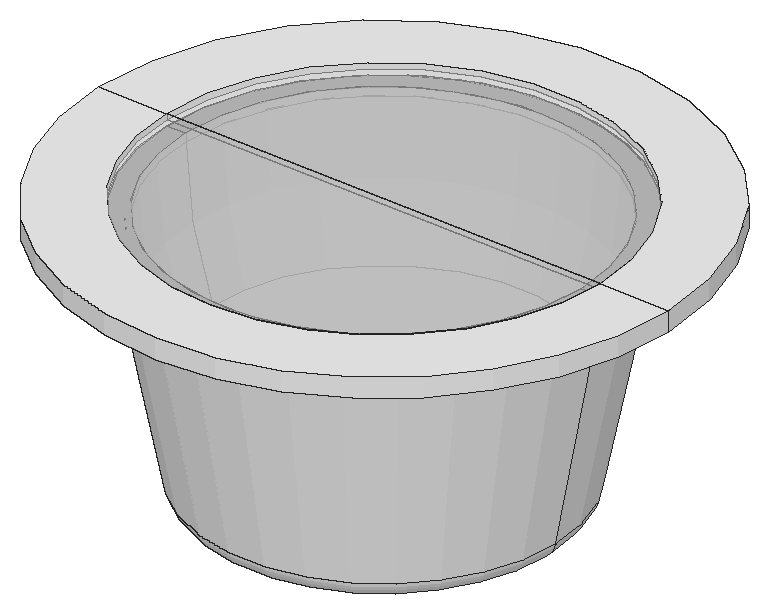
Revit family "2060576+2028034 Sylvania Lighting Fixture ASCENT 100 II ARCH 3700 4K STD EMG 160 with IP44 Clear Glass", category Lighting Fixtures, host Face, Revit 2016
Family settings
  Host = Face
  Part Type = Normal
  Round Connector Dimension = Use Diameter
  OmniClass Number = 23.80.70.11.17
  OmniClass Title = Specialized Lighting by Location or Use
  Cut with Voids When Loaded = No
  Light Source = Yes
  Shared = No
  Room Calculation Point = No
Parameters (values of type "2060576+2028034 ASCT100 II ARCH 3700 4K STD EMG 160 with IP44 Clear Glass")
  WidthBezelAcc_SYL = 25.0 mm
  Weight = "1.92 kg"
  Wattage = 32 W
  WarrantyStartDate [instance] = "n/a"
  WarrantyGuarantorParts = "n/a"
  WarrantyDurationUnit = "n/a"
  WarrantyDurationParts = "n/a"
  WarrantyDescription = "n/a"
  built-in parameter 1150110 = 1 (stored number, unit not read)
  Voltage = 0 V
  VisibilityAccessory_SYL = yes
  TypeName = "ASCENT 100 II ARCH 3700 4K STD EMG 160"
  built-in parameter 1114217 = 1 (stored number, unit not read)
  Tilt Angle = -90°
  built-in parameter 1150109 = 1 (stored number, unit not read)
  built-in parameter 1150134 = 12
  built-in parameter 1150113 = 1 (stored number, unit not read)
  SerialNumber [instance] = "n/a"
  ReflectorRadius_SYL = Radius_SYL - 14.5 mm  # 80.0 mm
  RadiusAcc_SYL = 105.0 mm
  Radius_SYL = 94.5 mm
  URL = "http://www.sylvania-lighting.com"
  PowerFactor = 0
  PowerConsumption = "32 W"
  Photometric Web File = "2060576.ies"
  NominalWidth = 0.0 mm
  NominalLength = 0.0 mm
  NominalHeight = 94.0 mm
  Name = "ASCENT 100 II ARCH 3700 4K STD EMG 160"
  ModelReference = "ASCENT 100 II ARCH 3700 4K STD EMG 160"
  ModelNumber = "2060576+2028034"
  Material_4_SYL = none
  Material_3_SYL = Polycarbonate_Sylvania_Ascent_Clear
  Material_2_SYL = Aluminium_Sylvania_Ascent_Silver
  Material_1_SYL = Aluminum_Sylvania_Ascent_White
  Material = "aluminium housing, arcylic diffuser"
  ManufacturerName = "Feilo Sylvania"
  LuminousEfficacy = "118 lm/W"
  built-in parameter 1150105 = 300.48 (stored number, unit not read)
  Lumens = 3776 lm
  LuminaireType = ""
  built-in parameter 1150115 = 1 (stored number, unit not read)
  LightOutputRatio = "100"
  built-in parameter 1150137 = (empty or 0)
  built-in parameter 1150139 = (empty or 0)
  LampsType = Lamp  # "LED"
  LampNominalLuminous = "3766 lm"
  LampMacAdamStep = "3"
  LampColourTemperature = "4000 K"
  LampColourRenderingIndex = "80"
  built-in parameter 1150112 = 1 (stored number, unit not read)
  built-in parameter 1150114 = 1 (stored number, unit not read)
  Keynote = "16500"
  InstallationDate [instance] = "n/a"
  InputVoltage = "n/a"
  InputNominalFrequency = "n/a"
  built-in parameter 1150132 = (empty or 0)
  built-in parameter 1150102 = (empty or 0)
  built-in parameter 1150107 = 4000 (stored number, unit not read)
  built-in parameter 1150138 = (empty or 0)
  IngressProtection = "IP44"
  ImpactProtectionIndex = "IK02"
  built-in parameter 1150106 = 3.0048 (stored number, unit not read)
  IfcExportType = "IfcLightFixtureType"
  IfcExportAs = "IfcLightFixtureType"
  Height_SYL = 94.0 mm
  HeightAcc_SYL = 7.0 mm
  ExpectedLife = 50000
  EmittionSurface_SYL = if(VisibilityAccessory_SYL, 7.0 mm, 3.0 mm)  # 7.0 mm
  Emit from Circle Diameter = DiffuserRadius_SYL * 2  # 146.0 mm
  Emit Shape Visible in Rendering = no
  ElectricShockClassification = "Class II"
  built-in parameter 1150104 = 10.963 (stored number, unit not read)
  DurationUnit = "hours"
  DocumentationLiterature = "http://www.sylvania-lighting.com/product/en-int/products/2060576"
  DimmingControlOptions = "n/a"
  Dimming Lamp Color Temperature Shift = <None>
  DiffuserRadius_SYL = ReflectorRadius_SYL - 7.0 mm  # 73.0 mm
  Diameter_SYL = 2 * Radius_SYL  # 189.0 mm
  CutoutDiameter_SYL = Diameter_SYL - 13.0 mm  # 176.0 mm
  CreatedOn = "9/17/2018"
  CreatedBy = "@sylvania-lighting.com"
  Color Filter = 16777215
  built-in parameter 1114216 [instance] = 1 (stored number, unit not read)
  Model = "ASCENT 100 II ARCH 3700 4K STD EMG 160"
  Manufacturer = "Feilo Sylvania"
  Lamp = "LED"
  Description = "Direct LED retro fit for original LED 100 Arch (160) single CFL lamp offering Matching lumen levels and improved light distribution of original LED 100 CFL lamp equivalents Typically half the power consumption compared to CFL Up to 112lm/W 160mm aperture Architectural reflector accepts range of glass accessories from existing LED 100 Arch 160 offering HE, HO and VHO versions equivalent of single 1 x 18W, 1 x 32W, 1 x 42W\r\n Additional VVHO versions which offer the performance circa 2 x 32W equivalent"  # constant formula
  Default Elevation = 0.0 mm
  built-in parameter 1140040 [instance] = 1
  BarCode [instance] = "n/a"
  built-in parameter 1114218 = 1 (stored number, unit not read)
  built-in parameter 1150133 = 10 (stored number, unit not read)
  AssetType = "Fixed"
  AssetIdentifier [instance] = "n/a"
  Assembly Code = "D5020200"
  Apparent Load = 32 VA
  Aperture_SYL = 2 * ReflectorRadius_SYL  # 160.0 mm
Types (2, lengths in mm): name | Wattage | TypeName | Photometric Web File | Name | ModelReference | built-in parameter 1150105 | Lumens | built-in parameter 1150106 | Model | Apparent Load
  2060576+2028034 ASCT100 II ARCH 3700 4K STD EMG 160 with IP44 Clear Glass | 32 W | "ASCENT 100 II ARCH 3700 4K STD EMG 160" | "2060576.ies" | "ASCENT 100 II ARCH 3700 4K STD EMG 160" | "ASCENT 100 II ARCH 3700 4K STD EMG 160" | 300.48 (stored number, unit not read) | 3776 lm | 3.0048 (stored number, unit not read) | "ASCENT 100 II ARCH 3700 4K STD EMG 160" | 32 VA
  2060576+2028034 ASCT100 II ARCH 3700 4K STD EMG 160 with IP44 Clear Glass Emergency mode | 1.61017 W | "ASCT100 II ARCH 3700 4K STD EMG 160 with IP44 Clear Glass Emergency mode" | "2060576EM.ies" | "ASCT100 II ARCH 3700 4K STD EMG 160 with IP44 Clear Glass Emergency mode" | "ASCT100 II ARCH 3700 4K STD EMG 160 with IP44 Clear Glass Emergency mode" | 15.12 (stored number, unit not read) | 190 lm | 0.1512 (stored number, unit not read) | "ASCT100 II ARCH 3700 4K STD EMG 160 with IP44 Clear Glass Emergency mode" | 1.61017 VA
Reference planes
  plane 1 "Center (Front/Back)": y = 0
  plane 2: z = 0
  plane 3 "Center (Left/Right)": x = 0
  plane 4 "Fixture Bottom": z = 3
  plane 5: z = -52.5
  plane 6 "Fixture Top": z = -91
  plane 7: x = -105
  plane 8: z = 7
  plane 9: x = -80
  plane 10: z = 5
  plane 11: x = -103
Forms (mm)
  Extrusion 1, solid, material "Aluminum_Sylvania_Ascent_White", detail levels fine
    sketch origin (0, 0, 0) x (1, 0, 0) y (0, 1, 0)
      loop
        circle (0, 0) r 94.5
      loop
        circle (0, 0) r 80
    from 0 to 3
  Extrusion 2, void
    sketch origin (0, 0, 0) x (1, 0, 0) y (0, 1, 0)
      loop
        circle (0, 0) r 88
    from -91 to 3
  Revolve 3, solid, material "Aluminum_Sylvania_Ascent_White" <- "Material_1_SYL", detail levels fine
    sketch origin (0, 0, 0) x (1, 0, 0) y (0, 0, 1)
      loop
        line (0, -91.073) -> (0, -89.023) -> (-55.468, -89.014)
        arc (-55.468, -89.014) -> (-59.352, -87.613) -> (-61.54, -84.139) r 6.307
        line (-61.54, -84.139) -> (-77.991, -2.844) -> (-77.991, 0) -> (-80, 0) -> (-80, -3) -> (-63.5, -84.536)
        arc (-63.5, -84.536) -> (-60.643, -89.203) -> (-55.5, -91.073) r 8.291
        line (-55.5, -91.073) -> (0, -91.073)
      axis (0, 0) -> (0, -91.073)
    angle from 0 to 360
  Revolve 4, solid, material "Aluminium_Sylvania_Ascent_Silver" <- "Material_2_SYL", detail levels fine
    sketch origin (0, 0, 0) x (1, 0, 0) y (0, 0, 1)
      loop
        line (-80, 3) -> (-80, 0) -> (-75, 0)
        arc (-75, 0) -> (-72.349, -26.77) -> (-64.5, -52.5) r 136.5
        line (-64.5, -52.5) -> (-58, -52.5)
        arc (-58, -52.5) -> (-56.857, -61.521) -> (-53.5, -69.971) r 36.166
        line (-53.5, -69.971) -> (0, -69.971) -> (0, -50.5) -> (-63.16, -50.5)
        arc (-63.16, -50.5) -> (-70.517, -25.725) -> (-73, 0) r 134.5
        line (-73, 0) -> (-73, 3) -> (-80, 3)
      axis (0, 3) -> (0, -69.971)
    angle from 0 to 360
  Extrusion 5, solid, material "Polycarbonate_Sylvania_Ascent_Clear" <- "Material_3_SYL", detail levels fine
    sketch origin (0, 0, 0) x (1, 0, 0) y (0, 1, 0)
      loop
        circle (0, 0) r 73
    from 0 to 3
  Revolve 6, solid, material "Aluminum_Sylvania_Ascent_White" <- "Material_1_SYL", detail levels coarse+medium
    sketch origin (0, 0, 0) x (1, 0, 0) y (0, 0, 1)
      loop
        line (0, -91.073) -> (0, 3) -> (-94.5, 3) -> (-94.5, 0) -> (-79.5, 0) -> (-79.5, -3) -> (-63, -84.536)
        arc (-63, -84.536) -> (-60.143, -89.203) -> (-55, -91.073) r 8.291
        line (-55, -91.073) -> (0, -91.073)
      axis (0, 3) -> (0, -91.073)
    angle from 0 to 360
  Revolve 7, solid, material "Aluminum_Sylvania_Ascent_White" <- "Material_1_SYL", visible <- "VisibilityAccessory_SYL"
    sketch origin (0, 0, 0) x (1, 0, 0) y (0, 0, 1)
      loop
        line (-105, 0) -> (-103, 0) -> (-103, 5) -> (-80, 5) -> (-80, 7) -> (-105, 7) -> (-105, 0)
      axis (0, 7) -> (0, 0)
    angle from 0 to 360
  Revolve 8, solid, material "Polycarbonate_Sylvania_Ascent_Clear" <- "Material_3_SYL", visible <- "VisibilityAccessory_SYL"
    sketch origin (0, 0, 0) x (1, 0, 0) y (0, 0, 1)
      loop
        line (-80, 7) -> (-80, 5) -> (0, 5) -> (0, 7) -> (-80, 7)
      axis (0, 7) -> (0, 5)
    angle from 0 to 360
Lines and regions (mm)
  reference lines
    curve 1: line (-150, 0, 7) -> (125, 0, 7)
Dimensions and locks
  locked: plane 4 "Fixture Bottom" to plane 2 at 3
  "Height_SYL": plane 4 "Fixture Bottom" to plane 6 "Fixture Top"
  "ReflectorRadius_SYL": plane 3 "Center (Left/Right)" to Revolve 4 sketch curve
  locked: Revolve 4 sketch curve to Revolve 4 sketch curve at 15.5
  locked: Revolve 4 sketch curve to Revolve 4 sketch curve at 5
  locked: Revolve 4 sketch curve to Revolve 4 sketch curve at 7
  locked: Revolve 4 sketch curve to Revolve 4 sketch curve at 22
  locked: Revolve 4 sketch curve to Revolve 4 sketch curve at 26.5
  locked: Revolve 3 sketch curve to Revolve 3 sketch curve at 16.5
  locked: Revolve 3 sketch curve to Revolve 3 sketch curve at 24.5
  "ReflectorRadius_SYL": Revolve 3 sketch curve to plane 3 "Center (Left/Right)"
  locked: Revolve 3 sketch curve to plane 6 "Fixture Top" at 6.464
  locked: plane 2 to Revolve 3 sketch curve at 3
  locked: Revolve 3 sketch curve to Revolve 3 sketch curve at 2
  locked: Revolve 3 sketch curve to Revolve 3 sketch curve at 2.009
  locked: plane 2 to plane 5 at 52.5
  locked: Revolve 6 sketch curve to Revolve 6 sketch curve at 31.5
  locked: Revolve 6 sketch curve to Revolve 6 sketch curve at 39.5
  locked: Revolve 6 sketch curve to Revolve 6 sketch curve at 15
  "Radius_SYL": plane 3 "Center (Left/Right)" to Revolve 6 sketch curve
  "RadiusAcc_SYL": plane 3 "Center (Left/Right)" to plane 7
  "HeightAcc_SYL": plane 8 to level
  "WidthBezelAcc_SYL": plane 7 to plane 9
  locked: plane 7 to plane 11 at 2
  locked: plane 8 to plane 10 at 2
  "EmittionSurface_SYL": curve 1 to level
  "CutoutDiameter_SYL": diameter of Extrusion 2 sketch curve
  "ReflectorRadius_SYL": radius of Extrusion 1 sketch curve
  "DiffuserRadius_SYL": radius of Extrusion 5 sketch curve
  "Radius_SYL": radius of Extrusion 1 sketch curve
  aligned and locked: host face to plane 2
  aligned and locked: host face to level
  aligned and locked: plane 4 "Fixture Bottom" to Extrusion 1
  aligned and locked: Extrusion 1 to plane 2
  aligned and locked: Revolve 3 sketch curve to plane 3 "Center (Left/Right)"
  aligned and locked: Revolve 4 sketch curve to plane 3 "Center (Left/Right)"  (x2)
  aligned and locked: plane 4 "Fixture Bottom" to Revolve 4 sketch curve
  aligned and locked: Extrusion 5 to plane 2
  aligned and locked: plane 2 to Revolve 3 sketch curve  (x2)
  aligned and locked: Revolve 6 sketch curve to plane 3 "Center (Left/Right)"
  aligned and locked: plane 6 "Fixture Top" to Extrusion 2
  aligned and locked: Revolve 7 sketch curve to plane 3 "Center (Left/Right)"
  aligned and locked: host face to Revolve 7 sketch curve  (x2)
  aligned and locked: Revolve 7 sketch curve to plane 7
  aligned and locked: plane 8 to Revolve 7 sketch curve
  aligned and locked: plane 9 to Revolve 7 sketch curve
  aligned and locked: Revolve 7 sketch curve to plane 10
  aligned and locked: plane 11 to Revolve 7 sketch curve
  aligned and locked: Revolve 7 to Revolve 8 sketch curve
  aligned and locked: Revolve 8 sketch curve to Revolve 7  (x2)
  aligned and locked: Revolve 8 sketch curve to plane 3 "Center (Left/Right)"  (x2)
  aligned and locked: plane 3 "Center (Left/Right)" to imposter light
  aligned and locked: imposter light to plane 1 "Center (Front/Back)"
  aligned and locked: imposter light to curve 1
Automatic sketch dimensions
  plane 1 "Center (Front/Back)" to Extrusion 2 sketch curve = 0.0 mm
  Extrusion 2 sketch curve to plane 3 "Center (Left/Right)" = 0.0 mm
  Extrusion 1 sketch curve to Extrusion 1 sketch curve = 0.0 mm  (x2)
  plane 1 "Center (Front/Back)" to Extrusion 1 sketch curve = 0.0 mm
  Extrusion 1 sketch curve to plane 3 "Center (Left/Right)" = 0.0 mm
  plane 6 "Fixture Top" to Revolve 3 sketch curve = 0.073 mm
  Revolve 3 sketch curve to plane 6 "Fixture Top" = 6.861 mm
  Revolve 3 sketch curve to Revolve 3 sketch curve = 0.003 mm
  Revolve 3 sketch curve to Revolve 3 sketch curve = 0.009 mm  (x2)
  Revolve 3 sketch curve to Revolve 3 sketch curve = 0.023 mm
  Revolve 3 sketch curve to Revolve 3 sketch curve = 0.072 mm
  Revolve 3 sketch curve to Revolve 3 sketch curve = 0.008 mm
  Revolve 3 sketch curve to plane 6 "Fixture Top" = 1.977 mm
  Revolve 3 sketch curve to Revolve 3 sketch curve = 33.496 mm
  Revolve 3 sketch curve to Revolve 3 sketch curve = 0.028 mm
  plane 4 "Fixture Bottom" to Revolve 3 sketch curve = 82.431 mm
  Revolve 4 sketch curve to Revolve 4 sketch curve = 0.0 mm  (x2)
  Revolve 4 sketch curve to plane 5 = 0.0 mm
  Revolve 4 sketch curve to level = 0.0 mm
  plane 5 to Revolve 4 sketch curve = 2.0 mm
  plane 4 "Fixture Bottom" to Revolve 4 sketch curve = 9.642 mm
  plane 1 "Center (Front/Back)" to Extrusion 5 sketch curve = 0.0 mm
  Extrusion 5 sketch curve to plane 3 "Center (Left/Right)" = 0.0 mm
  Revolve 4 sketch curve to level = 69.971 mm
  Revolve 4 sketch curve to Revolve 4 sketch curve = 2.387 mm
  Revolve 6 sketch curve to level = 0.0 mm
  Revolve 6 sketch curve to plane 3 "Center (Left/Right)" = 0.0 mm
  Revolve 6 sketch curve to Revolve 6 sketch curve = 8.104 mm
  Revolve 6 sketch curve to level = 3.0 mm
  Revolve 6 sketch curve to plane 6 "Fixture Top" = 6.464 mm
  plane 6 "Fixture Top" to Revolve 6 sketch curve = 0.073 mm
  Revolve 6 sketch curve to Revolve 6 sketch curve = 33.496 mm
  plane 4 "Fixture Bottom" to Revolve 6 sketch curve = 82.431 mm
  host sketch curve to host sketch curve = 1704.996 mm
  host sketch curve to host sketch curve = 1500.0 mm
  plane 6 "Fixture Top" to Revolve 7 sketch curve = 281.274 mm
  Revolve 7 sketch curve to plane 8 = 1140.706 mm
  plane 6 "Fixture Top" to Revolve 8 sketch curve = 281.274 mm
  Revolve 8 sketch curve to Revolve 8 sketch curve = 1140.706 mm
  Revolve 3 sketch curve to plane 3 "Center (Left/Right)" = 0.0 mm
  Revolve 6 sketch curve to plane 4 "Fixture Bottom" = 0.0 mm
  plane 7 to curve 1 = 45.0 mm
  plane 3 "Center (Left/Right)" to curve 1 = 125.0 mm
Connectors
  electrical at (0, 0, -91.073), driven by "Apparent Load"
    settings: on Revolve 3, index 1, voltage 240 V, apparent load 0 VA, apparent load phase1 32 VA, apparent load phase2 0 VA, apparent load phase3 0 VA, power factor 1, load classification "Lighting", number of poles 1, system type 31, power factor state 1, is connector primary yes, connector utility no, sub classification motor no, connector description ""
